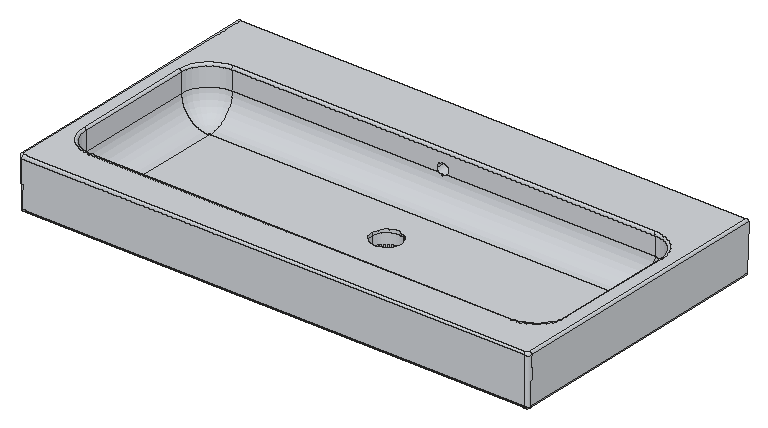
Revit family "NLRS_74_PF_UN_wastafel_S8308105000_SPHINX_BCB", category Plumbing Fixtures, Revit 2016
Family settings
  Part Type = Normal
  Round Connector Dimension = Use Diameter
  OmniClass Number = 23.45.00.00
  OmniClass Title = Sanitary, Laundry, and Cleaning Equipment
  Work Plane-Based = No
  Always vertical = Yes
  Cut with Voids When Loaded = No
  Shared = No
  Room Calculation Point = No
Parameters
  NLRS_C_type = "Wastafel zonder kraangat en met overloop"
  NLRS_C_serie = "345"
  NLRS_C_revit_versie = "2016"
  NLRS_C_content_versie = "2.0"
  NLRS_C_content_provider = "BouwConnect"
  NLRS_C_content_datum_uitgifte = "APR-2018"
  NLRS_C_content_datum_gewijzigd = "APR-2018"
  NLRS_C_content_creator = "BouwConnect"
  NLRS_C_URL_product_data = "http://www.sphinx.nl/producten/wastafels-%7C-fonteinen/wastafels/sphinx-345-%7C-wastafel-90-cm/29163/"
  URL = "http://www.sphinx.nl/"
  Type Comments = ""
  NLRS_S_gewicht = 10.00 kg
  NLRS_C_materiaal = none
  NLRS_C_lengte = 485 mm
  NLRS_C_hoogte = 160 mm
  NLRS_C_diameter_uit = 45 mm
  NLRS_C_diameter_in = 35 mm
  NLRS_C_breedte = 900 mm
  Model = ""
  Manufacturer = "Sphinx"
  Keynote = ""
  IfcTypeProduct = "IfcSanitaryTerminalType"
  IfcExportType = "SINK"
  IfcExportAs = "IfcSanitaryTerminalTypeEnum"
  IfcElement = "IfcFlowTerminal"
  NLRS_C_code_EAN = "8711754404700"
  Description = "wastafel"
  NLRS_C_URL_BCB = "http://bcb-online.nl/?zoekterm=Sphinx+++%5bGeberit+B.V.%5d"
  Assembly Code = "47.11"
Reference planes
  plane 1 "Center (Front/Back)": y = 0
  plane 2: z = 0
  plane 3 "Center (Left/Right)": x = 0
Forms (mm)
  Extrusion 1, solid, detail levels medium+fine
    sketch origin (0, 0, 0) x (1, 0, 0) y (0, 1, 0)
      loop
        line (-455.561, 0) -> (-455.561, -492.239)
        arc (-455.561, -492.239) -> (-455.268, -492.946) -> (-454.561, -493.239) r 1
        line (-454.561, -493.239) -> (454.439, -493.239)
        arc (454.439, -493.239) -> (455.146, -492.946) -> (455.439, -492.239) r 1
        line (455.439, -492.239) -> (455.439, 0) -> (-455.561, 0)
    from -89.999 to 0
  Sweep 2, void, detail levels medium+fine
    path origin (0, 0, 0) x (1, 0, 0) y (0, 1, 0)
      loop
        line (-449.844, 0) -> (-449.844, -477.932)
        arc (-449.844, -477.932) -> (-447.773, -482.93) -> (-442.775, -485) r 7.068
        line (-442.775, -485) -> (443.088, -485)
        arc (443.088, -485) -> (448.086, -482.93) -> (450.156, -477.932) r 7.068
        line (450.156, -477.932) -> (450.156, 0)
    profile origin (-449.844, -238.966, 0) x (1, 0, 0) y (0, 0, 1)
      loop
        arc (0.047, -4.094) -> (1.184, -1.205) -> (4.046, 0) r 4
        line (4.046, 0) -> (4.046, 1) -> (-13.879, 1) -> (-13.879, -92.278) -> (5.975, -92.278) -> (5.975, -89.999)
        arc (5.975, -89.999) -> (3.18, -88.86) -> (1.976, -86.093) r 4
        line (1.976, -86.093) -> (0.047, -4.094)
  Sweep 3, void, detail levels medium+fine
    path origin (4000.313, 0, 0) x (-1, 0, 0) y (0, -1, 0)
      loop
        arc (4372.656, 110) -> (4408.012, 124.645) -> (4422.656, 160) r 50
        line (4422.656, 160) -> (4422.656, 370)
        arc (4422.656, 370) -> (4408.012, 405.355) -> (4372.656, 420) r 50
        line (4372.656, 420) -> (3627.656, 420)
        arc (3627.656, 420) -> (3592.301, 405.355) -> (3577.656, 370) r 50
        line (3577.656, 370) -> (3577.656, 160)
        arc (3577.656, 160) -> (3592.301, 124.645) -> (3627.656, 110) r 50
        line (3627.656, 110) -> (4372.656, 110)
    profile origin (0.156, -110, 0) x (0, 1, 0) y (0, 0, 1)
      loop
        arc (0, -4) -> (1.172, -1.172) -> (4, 0) r 4
        line (4, 0) -> (5, 0) -> (5, 24) -> (-49, 24) -> (-49, -85) -> (-48, -85)
        arc (-48, -85) -> (-14.059, -70.942) -> (0, -37) r 48
        line (0, -37) -> (0, -4)
  Extrusion 4, void, detail levels medium+fine
    sketch origin (1000.313, 0, 0) x (-1, 0, 0) y (0, -1, 0)
      loop
        arc (1373.156, 158.5) -> (1373.863, 158.793) -> (1374.156, 159.5) r 1
        line (1374.156, 159.5) -> (1374.156, 370.5)
        arc (1374.156, 370.5) -> (1373.863, 371.207) -> (1373.156, 371.5) r 1
        line (1373.156, 371.5) -> (627.156, 371.5)
        arc (627.156, 371.5) -> (626.449, 371.207) -> (626.156, 370.5) r 1
        line (626.156, 370.5) -> (626.156, 159.5)
        arc (626.156, 159.5) -> (626.449, 158.793) -> (627.156, 158.5) r 1
        line (627.156, 158.5) -> (1373.156, 158.5)
    from -85 to 20
  Revolve 5, solid, detail levels medium+fine
    sketch origin (0, 49.876, 0) x (0, 1, 0) y (0, 0, -1)
      loop
        arc (-164.53, 90) -> (-201.281, 106.802) -> (-241.315, 112.294) r 138.656
        line (-241.315, 112.294) -> (-284.896, 112.294) -> (-284.896, 90) -> (-164.53, 90)
      axis (-284.896, 90) -> (-284.896, 112.294)
    angle from 0 to 360
  Revolve 6, solid, detail levels medium+fine
    sketch origin (42.5, -235, -10.005) x (-1, 0, 0) y (0, 0, -1)
      loop
        line (6.298, 98.528) -> (16.241, 98.528) -> (16.241, 150) -> (14.241, 150)
        arc (14.241, 150) -> (10.089, 148.332) -> (8.246, 144.255) r 6
        line (8.246, 144.255) -> (6.298, 98.528)
      axis (42.5, 150) -> (42.5, 98.528)
    angle from 0 to 360
  Extrusion 7, void, detail levels medium+fine
    sketch origin (42.5, 55, 0) x (-1, 0, 0) y (0, -1, 0)
      loop
        circle (42.5, 290) r 26.25
    from -193.205 to 24
  Extrusion 8, solid, detail levels medium+fine
    sketch origin (0.313, 0, 0) x (-1, 0, 0) y (0, 0, -1)
      loop
        line (-377.748, 133.402) -> (-381.87, 89.953) -> (382.183, 89.953) -> (378.06, 133.402)
        arc (378.06, 133.402) -> (374.834, 139.855) -> (368.105, 142.458) r 10
        line (368.105, 142.458) -> (349.355, 142.458) -> (340.44, 138) -> (314.923, 138)
        arc (314.923, 138) -> (308.874, 135.963) -> (305.289, 130.682) r 10
        line (305.289, 130.682) -> (302.959, 122.313)
        arc (302.959, 122.313) -> (299.374, 117.032) -> (293.326, 114.995) r 10
        line (293.326, 114.995) -> (-293.013, 114.995)
        arc (-293.013, 114.995) -> (-299.062, 117.032) -> (-302.647, 122.313) r 10
        line (-302.647, 122.313) -> (-304.977, 130.682)
        arc (-304.977, 130.682) -> (-308.562, 135.963) -> (-314.611, 138) r 10
        line (-314.611, 138) -> (-339.848, 138) -> (-348.763, 142.458) -> (-367.793, 142.458)
        arc (-367.793, 142.458) -> (-374.522, 139.855) -> (-377.748, 133.402) r 10
    from 0 to 42
  Extrusion 9, void, detail levels medium+fine
    sketch origin (42.5, 0, -30) x (-1, 0, 0) y (0, 0, -1)
      loop
        circle (42.5, 0) r 10
    from 40 to 150
  Extrusion 10, solid, detail levels medium+fine
    sketch origin (-78.538, -15.612, 0) x (-0.34202, 0.939693, 0) y (0, 0, 1)
      loop
        line (-404.656, -90) -> (-392.823, -107.084)
        arc (-392.823, -107.084) -> (-383.718, -115.653) -> (-371.91, -119.766) r 30
        arc (-371.91, -119.766) -> (-177.08, -137.656) -> (18.513, -142.378) r 2902.067
        line (18.513, -142.378) -> (18.513, -90) -> (-404.656, -90)
    from 0 to 20
  Extrusion 11, void, detail levels medium+fine
    sketch origin (0, 0, 0) x (0, 1, 0) y (0, 0, 1)
      loop
        line (20, -149.995) -> (20, -84.995) -> (0, -84.995) -> (0, -114.995)
        arc (0, -114.995) -> (-14.664, -140.098) -> (-42, -149.995) r 42.7
        line (-42, -149.995) -> (20, -149.995)
    from -89.774 to -45.028
  Extrusion 12, solid, detail levels coarse
    sketch origin (-1129.844, 0, 0) x (1, 0, 0) y (0, 1, 0)
      loop
        line (680, 0) -> (680, -485) -> (1580, -485) -> (1580, 0) -> (680, 0)
    from -90 to 0
  Extrusion 13, void
    sketch origin (-1000.156, 0, 0) x (1, 0, 0) y (0, 1, 0)
      loop
        arc (627.656, -110) -> (592.301, -124.645) -> (577.656, -160) r 50
        line (577.656, -160) -> (577.656, -370)
        arc (577.656, -370) -> (592.301, -405.355) -> (627.656, -420) r 50
        line (627.656, -420) -> (1372.656, -420)
        arc (1372.656, -420) -> (1408.012, -405.355) -> (1422.656, -370) r 50
        line (1422.656, -370) -> (1422.656, -160)
        arc (1422.656, -160) -> (1408.012, -124.645) -> (1372.656, -110) r 50
        line (1372.656, -110) -> (627.656, -110)
    from -80 to 100
Cuts and joins
  Extrusion 7 cuts Revolve 5
  Sweep 2, Sweep 3, Extrusion 4, Extrusion 7, Extrusion 9 cuts Extrusion 1
  Extrusion 7, Extrusion 11 cuts Extrusion 10
  joined: Extrusion 1, Extrusion 8, Extrusion 10
  Extrusion 13 cuts Extrusion 12
Dimensions and locks
  aligned and locked: level to plane 2
